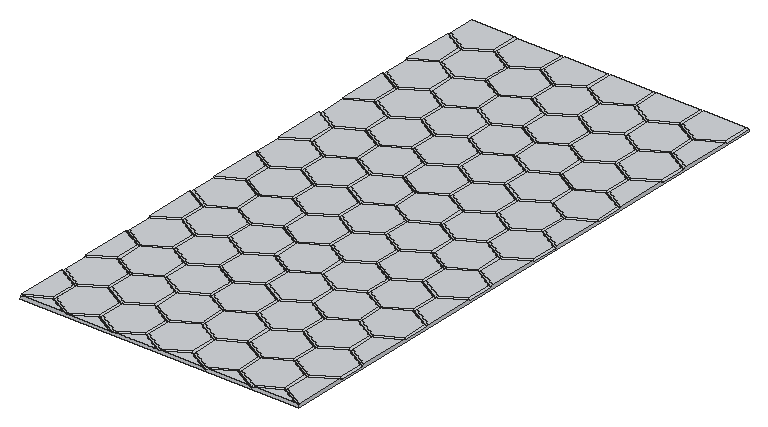
Revit family "J2 PET Felt Engraved Hexagon", category Generic Models, host Face, Revit 2022
Family settings
  Host = Face
  Can host rebar = No
  Round Connector Dimension = Use Diameter
  Part Type = Normal
  Cut with Voids When Loaded = No
  Maintain Annotation Orientation = No
  Shared = No
  Room Calculation Point = No
Parameters
  URL = "https://www.j2systems.net/"
  Symbol Name = "FPEHEX"  # constant formula
  Style Number = "FPEHEX"  # constant formula
  Release Date = "2019"  # constant formula
  Product Line = "Engraved Panels"  # constant formula
  Model = "Hexagonal"  # constant formula
  Manufacturer = "J2 Systems"  # constant formula
  Felt color = none
  Default Elevation = 0' - 0"
Reference planes (in)
  plane 1 "Center (Front/Back)": y = 0
  plane 2: z = 0
  plane 3 "Center (Left/Right)": x = 0
Forms (in)
  Extrusion 1, solid, material <- "Felt color"
    sketch origin (0, 0, 0) x (1, 0, 0) y (0, 1, 0)
      loop
        line (0, 0) -> (47.0625, 0) -> (47.0625, 95.125) -> (0, 95.125) -> (0, 0)
    from 0 to 0.5
  Sweep 2, void
    path origin (-23.5, 9.05952, 0) x (1, 0, 0) y (0, 1, 0)
      loop
        line (23.5, 0) -> (23.5, 4.52976)
    profile origin (0, 11.3244, 0) x (-1, 0, 0) y (0, 0, 1)
      loop
        line (0, 0.25) -> (0, 0.5) -> (-0.25, 0.5) -> (0, 0.25)
  Sweep 3, void
    path origin (23.5, 9.05952, 0) x (1, 0, 0) y (0, 1, 0)
      loop
        line (23.5625, 0) -> (23.5625, 4.52976)
    profile origin (47.0625, 11.3244, 0) x (-1, 0, 0) y (0, 0, 1)
      loop
        line (0, 0.25) -> (0.25, 0.5) -> (0, 0.5) -> (0, 0.25)
  Sweep 4, void
    path origin (-19.57813, 0, 0) x (1, 0, 0) y (0, 1, 0)
      loop
        line (23.5, 2.26488) -> (23.5, 6.79464)
    profile origin (3.92188, 4.52976, 0) x (-1, 0, 0) y (0, 0, 1)
      loop
        line (0, 0.25) -> (0.25, 0.5) -> (-0.25, 0.5) -> (0, 0.25)
  Sweep 5, void
    path origin (-11.73438, 0, 0) x (1, 0, 0) y (0, 1, 0)
      loop
        line (23.5, 2.26488) -> (23.5, 6.79464)
    profile origin (11.76563, 4.52976, 0) x (-1, 0, 0) y (0, 0, 1)
      loop
        line (0, 0.25) -> (0.25, 0.5) -> (-0.25, 0.5) -> (0, 0.25)
  Sweep 6, void
    path origin (-3.89063, 0, 0) x (1, 0, 0) y (0, 1, 0)
      loop
        line (23.5, 2.26488) -> (23.5, 6.79464)
    profile origin (19.60938, 4.52976, 0) x (-1, 0, 0) y (0, 0, 1)
      loop
        line (0, 0.25) -> (0.25, 0.5) -> (-0.25, 0.5) -> (0, 0.25)
  Sweep 7, void
    path origin (3.95312, 0, 0) x (1, 0, 0) y (0, 1, 0)
      loop
        line (23.5, 2.26488) -> (23.5, 6.79464)
    profile origin (27.45313, 4.52976, 0) x (-1, 0, 0) y (0, 0, 1)
      loop
        line (0, 0.25) -> (0.25, 0.5) -> (-0.25, 0.5) -> (0, 0.25)
  Sweep 8, void
    path origin (11.79687, 0, 0) x (1, 0, 0) y (0, 1, 0)
      loop
        line (23.5, 2.26488) -> (23.5, 6.79464)
    profile origin (35.29688, 4.52976, 0) x (-1, 0, 0) y (0, 0, 1)
      loop
        line (0, 0.25) -> (0.25, 0.5) -> (-0.25, 0.5) -> (0, 0.25)
  Sweep 9, void
    path origin (19.64062, 0, 0) x (1, 0, 0) y (0, 1, 0)
      loop
        line (23.5, 2.26488) -> (23.5, 6.79464)
    profile origin (43.14063, 4.52976, 0) x (-1, 0, 0) y (0, 0, 1)
      loop
        line (0, 0.25) -> (0.25, 0.5) -> (-0.25, 0.5) -> (0, 0.25)
  Sweep 10, void
    path origin (-43.64062, 23.5, 0) x (0, -1, 0) y (1, 0, 0)
      loop
        line (23.5, 43.64062) -> (21.23512, 47.5625) -> (23.5, 51.48437) -> (21.23512, 55.40625) -> (23.5, 59.32812) -> (21.23512, 63.25) -> (23.5, 67.17187) -> (21.23512, 71.09375) -> (23.5, 75.01562) -> (21.23512, 78.9375) -> (23.5, 82.85937) -> (21.23512, 86.78125) -> (23.5, 90.70312)
    profile origin (1.96094, 1.13244, 0) x (-0.500097, 0.865969, 0) y (0, 0, 1)
      loop
        line (0, 0.25) -> (0.25, 0.5) -> (-0.25, 0.5) -> (0, 0.25)
  Sweep 11, void
    path origin (-43.64062, 30.29464, 0) x (0, -1, 0) y (1, 0, 0)
      loop
        line (21.23512, 43.64062) -> (23.5, 47.5625) -> (21.23512, 51.48437) -> (23.5, 55.40625) -> (21.23512, 59.32812) -> (23.5, 63.25) -> (21.23512, 67.17187) -> (23.5, 71.09375) -> (21.23512, 75.01562) -> (23.5, 78.9375) -> (21.23512, 82.85937) -> (23.5, 86.78125) -> (21.23512, 90.70312)
    profile origin (1.96094, 7.92708, 0) x (0.500097, 0.865969, 0) y (0, 0, 1)
      loop
        line (0, 0.25) -> (0.25, 0.5) -> (-0.25, 0.5) -> (0, 0.25)
  Sweep 12, void
    path origin (-43.64062, 37.08929, 0) x (0, -1, 0) y (1, 0, 0)
      loop
        line (23.5, 43.64062) -> (21.23512, 47.5625) -> (23.5, 51.48437) -> (21.23512, 55.40625) -> (23.5, 59.32812) -> (21.23512, 63.25) -> (23.5, 67.17187) -> (21.23512, 71.09375) -> (23.5, 75.01562) -> (21.23512, 78.9375) -> (23.5, 82.85937) -> (21.23512, 86.78125) -> (23.5, 90.70312)
    profile origin (1.96094, 14.72173, 0) x (-0.500097, 0.865969, 0) y (0, 0, 1)
      loop
        line (0, 0.25) -> (0.25, 0.5) -> (-0.25, 0.5) -> (0, 0.25)
  Sweep 13, void
    path origin (-43.64062, 43.88393, 0) x (0, -1, 0) y (1, 0, 0)
      loop
        line (21.23512, 43.64062) -> (23.5, 47.5625) -> (21.23512, 51.48437) -> (23.5, 55.40625) -> (21.23512, 59.32812) -> (23.5, 63.25) -> (21.23512, 67.17187) -> (23.5, 71.09375) -> (21.23512, 75.01562) -> (23.5, 78.9375) -> (21.23512, 82.85937) -> (23.5, 86.78125) -> (21.23512, 90.70312)
    profile origin (1.96094, 21.51637, 0) x (0.500097, 0.865969, 0) y (0, 0, 1)
      loop
        line (0, 0.25) -> (0.25, 0.5) -> (-0.25, 0.5) -> (0, 0.25)
  Sweep 14, void
    path origin (-43.64062, 50.67857, 0) x (0, -1, 0) y (1, 0, 0)
      loop
        line (23.5, 43.64062) -> (21.23512, 47.5625) -> (23.5, 51.48437) -> (21.23512, 55.40625) -> (23.5, 59.32812) -> (21.23512, 63.25) -> (23.5, 67.17187) -> (21.23512, 71.09375) -> (23.5, 75.01562) -> (21.23512, 78.9375) -> (23.5, 82.85937) -> (21.23512, 86.78125) -> (23.5, 90.70312)
    profile origin (1.96094, 28.31101, 0) x (-0.500097, 0.865969, 0) y (0, 0, 1)
      loop
        line (0, 0.25) -> (0.25, 0.5) -> (-0.25, 0.5) -> (0, 0.25)
  Sweep 15, void
    path origin (-43.64062, 57.47321, 0) x (0, -1, 0) y (1, 0, 0)
      loop
        line (21.23512, 43.64062) -> (23.5, 47.5625) -> (21.23512, 51.48437) -> (23.5, 55.40625) -> (21.23512, 59.32812) -> (23.5, 63.25) -> (21.23512, 67.17187) -> (23.5, 71.09375) -> (21.23512, 75.01562) -> (23.5, 78.9375) -> (21.23512, 82.85937) -> (23.5, 86.78125) -> (21.23512, 90.70312)
    profile origin (1.96094, 35.10565, 0) x (0.500097, 0.865969, 0) y (0, 0, 1)
      loop
        line (0, 0.25) -> (0.25, 0.5) -> (-0.25, 0.5) -> (0, 0.25)
  Sweep 16, void
    path origin (-43.64062, 64.26786, 0) x (0, -1, 0) y (1, 0, 0)
      loop
        line (23.5, 43.64062) -> (21.23512, 47.5625) -> (23.5, 51.48437) -> (21.23512, 55.40625) -> (23.5, 59.32812) -> (21.23512, 63.25) -> (23.5, 67.17187) -> (21.23512, 71.09375) -> (23.5, 75.01562) -> (21.23512, 78.9375) -> (23.5, 82.85937) -> (21.23512, 86.78125) -> (23.5, 90.70312)
    profile origin (1.96094, 41.9003, 0) x (-0.500097, 0.865969, 0) y (0, 0, 1)
      loop
        line (0, 0.25) -> (0.25, 0.5) -> (-0.25, 0.5) -> (0, 0.25)
  Sweep 17, void
    path origin (-43.64062, 71.0625, 0) x (0, -1, 0) y (1, 0, 0)
      loop
        line (21.23512, 43.64062) -> (23.5, 47.5625) -> (21.23512, 51.48437) -> (23.5, 55.40625) -> (21.23512, 59.32812) -> (23.5, 63.25) -> (21.23512, 67.17187) -> (23.5, 71.09375) -> (21.23512, 75.01562) -> (23.5, 78.9375) -> (21.23512, 82.85937) -> (23.5, 86.78125) -> (21.23512, 90.70312)
    profile origin (1.96094, 48.69494, 0) x (0.500097, 0.865969, 0) y (0, 0, 1)
      loop
        line (0, 0.25) -> (0.25, 0.5) -> (-0.25, 0.5) -> (0, 0.25)
  Sweep 18, void
    path origin (-43.64062, 77.85714, 0) x (0, -1, 0) y (1, 0, 0)
      loop
        line (23.5, 43.64062) -> (21.23512, 47.5625) -> (23.5, 51.48437) -> (21.23512, 55.40625) -> (23.5, 59.32812) -> (21.23512, 63.25) -> (23.5, 67.17187) -> (21.23512, 71.09375) -> (23.5, 75.01562) -> (21.23512, 78.9375) -> (23.5, 82.85937) -> (21.23512, 86.78125) -> (23.5, 90.70312)
    profile origin (1.96094, 55.48958, 0) x (-0.500097, 0.865969, 0) y (0, 0, 1)
      loop
        line (0, 0.25) -> (0.25, 0.5) -> (-0.25, 0.5) -> (0, 0.25)
  Sweep 19, void
    path origin (-43.64062, 84.65179, 0) x (0, -1, 0) y (1, 0, 0)
      loop
        line (21.23512, 43.64062) -> (23.5, 47.5625) -> (21.23512, 51.48437) -> (23.5, 55.40625) -> (21.23512, 59.32812) -> (23.5, 63.25) -> (21.23512, 67.17187) -> (23.5, 71.09375) -> (21.23512, 75.01562) -> (23.5, 78.9375) -> (21.23512, 82.85937) -> (23.5, 86.78125) -> (21.23512, 90.70312)
    profile origin (1.96094, 62.28423, 0) x (0.500097, 0.865969, 0) y (0, 0, 1)
      loop
        line (0, 0.25) -> (0.25, 0.5) -> (-0.25, 0.5) -> (0, 0.25)
  Sweep 20, void
    path origin (-43.64062, 91.44643, 0) x (0, -1, 0) y (1, 0, 0)
      loop
        line (23.5, 43.64062) -> (21.23512, 47.5625) -> (23.5, 51.48437) -> (21.23512, 55.40625) -> (23.5, 59.32812) -> (21.23512, 63.25) -> (23.5, 67.17187) -> (21.23512, 71.09375) -> (23.5, 75.01562) -> (21.23512, 78.9375) -> (23.5, 82.85937) -> (21.23512, 86.78125) -> (23.5, 90.70312)
    profile origin (1.96094, 69.07887, 0) x (-0.500097, 0.865969, 0) y (0, 0, 1)
      loop
        line (0, 0.25) -> (0.25, 0.5) -> (-0.25, 0.5) -> (0, 0.25)
  Sweep 21, void
    path origin (-43.64062, 98.24107, 0) x (0, -1, 0) y (1, 0, 0)
      loop
        line (21.23512, 43.64062) -> (23.5, 47.5625) -> (21.23512, 51.48437) -> (23.5, 55.40625) -> (21.23512, 59.32812) -> (23.5, 63.25) -> (21.23512, 67.17187) -> (23.5, 71.09375) -> (21.23512, 75.01562) -> (23.5, 78.9375) -> (21.23512, 82.85937) -> (23.5, 86.78125) -> (21.23512, 90.70312)
    profile origin (1.96094, 75.87351, 0) x (0.500097, 0.865969, 0) y (0, 0, 1)
      loop
        line (0, 0.25) -> (0.25, 0.5) -> (-0.25, 0.5) -> (0, 0.25)
  Sweep 22, void
    path origin (-43.64062, 105.03571, 0) x (0, -1, 0) y (1, 0, 0)
      loop
        line (23.5, 43.64062) -> (21.23512, 47.5625) -> (23.5, 51.48437) -> (21.23512, 55.40625) -> (23.5, 59.32812) -> (21.23512, 63.25) -> (23.5, 67.17187) -> (21.23512, 71.09375) -> (23.5, 75.01562) -> (21.23512, 78.9375) -> (23.5, 82.85937) -> (21.23512, 86.78125) -> (23.5, 90.70312)
    profile origin (1.96094, 82.66815, 0) x (-0.500097, 0.865969, 0) y (0, 0, 1)
      loop
        line (0, 0.25) -> (0.25, 0.5) -> (-0.25, 0.5) -> (0, 0.25)
  Sweep 23, void
    path origin (-43.64062, 111.83036, 0) x (0, -1, 0) y (1, 0, 0)
      loop
        line (21.23512, 43.64062) -> (23.5, 47.5625) -> (21.23512, 51.48437) -> (23.5, 55.40625) -> (21.23512, 59.32812) -> (23.5, 63.25) -> (21.23512, 67.17187) -> (23.5, 71.09375) -> (21.23512, 75.01562) -> (23.5, 78.9375) -> (21.23512, 82.85937) -> (23.5, 86.78125) -> (21.23512, 90.70312)
    profile origin (1.96094, 89.4628, 0) x (0.500097, 0.865969, 0) y (0, 0, 1)
      loop
        line (0, 0.25) -> (0.25, 0.5) -> (-0.25, 0.5) -> (0, 0.25)
  Sweep 24, void
    path origin (-23.5, 90.59524, 0) x (1, 0, 0) y (0, 1, 0)
      loop
        line (23.5, 0) -> (23.5, 4.52976)
    profile origin (0, 92.86012, 0) x (-1, 0, 0) y (0, 0, 1)
      loop
        line (0, 0.25) -> (0, 0.5) -> (-0.25, 0.5) -> (0, 0.25)
  Sweep 25, void
    path origin (23.5, 90.59524, 0) x (1, 0, 0) y (0, 1, 0)
      loop
        line (23.5625, 0) -> (23.5625, 4.52976)
    profile origin (47.0625, 92.86012, 0) x (-1, 0, 0) y (0, 0, 1)
      loop
        line (0, 0.25) -> (0.25, 0.5) -> (0, 0.5) -> (0, 0.25)
  Sweep 26, void
    path origin (15.71875, 90.59524, 0) x (1, 0, 0) y (0, 1, 0)
      loop
        line (23.5, 0) -> (23.5, 4.52976)
    profile origin (39.21875, 92.86012, 0) x (-1, 0, 0) y (0, 0, 1)
      loop
        line (0, 0.25) -> (0.25, 0.5) -> (-0.25, 0.5) -> (0, 0.25)
  Sweep 27, void
    path origin (7.875, 90.59524, 0) x (1, 0, 0) y (0, 1, 0)
      loop
        line (23.5, 0) -> (23.5, 4.52976)
    profile origin (31.375, 92.86012, 0) x (-1, 0, 0) y (0, 0, 1)
      loop
        line (0, 0.25) -> (0.25, 0.5) -> (-0.25, 0.5) -> (0, 0.25)
  Sweep 28, void
    path origin (0.03125, 90.59524, 0) x (1, 0, 0) y (0, 1, 0)
      loop
        line (23.5, 0) -> (23.5, 4.52976)
    profile origin (23.53125, 92.86012, 0) x (-1, 0, 0) y (0, 0, 1)
      loop
        line (0, 0.25) -> (0.25, 0.5) -> (-0.25, 0.5) -> (0, 0.25)
  Sweep 29, void
    path origin (-7.8125, 90.59524, 0) x (1, 0, 0) y (0, 1, 0)
      loop
        line (23.5, 0) -> (23.5, 4.52976)
    profile origin (15.6875, 92.86012, 0) x (-1, 0, 0) y (0, 0, 1)
      loop
        line (0, 0.25) -> (0.25, 0.5) -> (-0.25, 0.5) -> (0, 0.25)
  Sweep 30, void
    path origin (-15.65625, 90.59524, 0) x (1, 0, 0) y (0, 1, 0)
      loop
        line (23.5, 0) -> (23.5, 4.52976)
    profile origin (7.84375, 92.86012, 0) x (-1, 0, 0) y (0, 0, 1)
      loop
        line (0, 0.25) -> (0.25, 0.5) -> (-0.25, 0.5) -> (0, 0.25)
  Sweep 31, void
    path origin (-19.57813, 13.58929, 0) x (1, 0, 0) y (0, 1, 0)
      loop
        line (23.5, 2.26488) -> (23.5, 6.79464)
    profile origin (3.92188, 18.11905, 0) x (-1, 0, 0) y (0, 0, 1)
      loop
        line (0, 0.25) -> (0.25, 0.5) -> (-0.25, 0.5) -> (0, 0.25)
  Sweep 32, void
    path origin (-11.73438, 13.58929, 0) x (1, 0, 0) y (0, 1, 0)
      loop
        line (23.5, 2.26488) -> (23.5, 6.79464)
    profile origin (11.76563, 18.11905, 0) x (-1, 0, 0) y (0, 0, 1)
      loop
        line (0, 0.25) -> (0.25, 0.5) -> (-0.25, 0.5) -> (0, 0.25)
  Sweep 33, void
    path origin (-3.89063, 13.58929, 0) x (1, 0, 0) y (0, 1, 0)
      loop
        line (23.5, 2.26488) -> (23.5, 6.79464)
    profile origin (19.60938, 18.11905, 0) x (-1, 0, 0) y (0, 0, 1)
      loop
        line (0, 0.25) -> (0.25, 0.5) -> (-0.25, 0.5) -> (0, 0.25)
  Sweep 34, void
    path origin (3.95312, 13.58929, 0) x (1, 0, 0) y (0, 1, 0)
      loop
        line (23.5, 2.26488) -> (23.5, 6.79464)
    profile origin (27.45313, 18.11905, 0) x (-1, 0, 0) y (0, 0, 1)
      loop
        line (0, 0.25) -> (0.25, 0.5) -> (-0.25, 0.5) -> (0, 0.25)
  Sweep 35, void
    path origin (11.79687, 13.58929, 0) x (1, 0, 0) y (0, 1, 0)
      loop
        line (23.5, 2.26488) -> (23.5, 6.79464)
    profile origin (35.29688, 18.11905, 0) x (-1, 0, 0) y (0, 0, 1)
      loop
        line (0, 0.25) -> (0.25, 0.5) -> (-0.25, 0.5) -> (0, 0.25)
  Sweep 36, void
    path origin (19.64062, 13.58929, 0) x (1, 0, 0) y (0, 1, 0)
      loop
        line (23.5, 2.26488) -> (23.5, 6.79464)
    profile origin (43.14063, 18.11905, 0) x (-1, 0, 0) y (0, 0, 1)
      loop
        line (0, 0.25) -> (0.25, 0.5) -> (-0.25, 0.5) -> (0, 0.25)
  Sweep 37, void
    path origin (-19.57813, 27.17857, 0) x (1, 0, 0) y (0, 1, 0)
      loop
        line (23.5, 2.26488) -> (23.5, 6.79464)
    profile origin (3.92188, 31.70833, 0) x (-1, 0, 0) y (0, 0, 1)
      loop
        line (0, 0.25) -> (0.25, 0.5) -> (-0.25, 0.5) -> (0, 0.25)
  Sweep 38, void
    path origin (-11.73438, 27.17857, 0) x (1, 0, 0) y (0, 1, 0)
      loop
        line (23.5, 2.26488) -> (23.5, 6.79464)
    profile origin (11.76563, 31.70833, 0) x (-1, 0, 0) y (0, 0, 1)
      loop
        line (0, 0.25) -> (0.25, 0.5) -> (-0.25, 0.5) -> (0, 0.25)
  Sweep 39, void
    path origin (-3.89063, 27.17857, 0) x (1, 0, 0) y (0, 1, 0)
      loop
        line (23.5, 2.26488) -> (23.5, 6.79464)
    profile origin (19.60938, 31.70833, 0) x (-1, 0, 0) y (0, 0, 1)
      loop
        line (0, 0.25) -> (0.25, 0.5) -> (-0.25, 0.5) -> (0, 0.25)
  Sweep 40, void
    path origin (3.95312, 27.17857, 0) x (1, 0, 0) y (0, 1, 0)
      loop
        line (23.5, 2.26488) -> (23.5, 6.79464)
    profile origin (27.45313, 31.70833, 0) x (-1, 0, 0) y (0, 0, 1)
      loop
        line (0, 0.25) -> (0.25, 0.5) -> (-0.25, 0.5) -> (0, 0.25)
  Sweep 41, void
    path origin (11.79687, 27.17857, 0) x (1, 0, 0) y (0, 1, 0)
      loop
        line (23.5, 2.26488) -> (23.5, 6.79464)
    profile origin (35.29688, 31.70833, 0) x (-1, 0, 0) y (0, 0, 1)
      loop
        line (0, 0.25) -> (0.25, 0.5) -> (-0.25, 0.5) -> (0, 0.25)
  Sweep 42, void
    path origin (19.64062, 27.17857, 0) x (1, 0, 0) y (0, 1, 0)
      loop
        line (23.5, 2.26488) -> (23.5, 6.79464)
    profile origin (43.14063, 31.70833, 0) x (-1, 0, 0) y (0, 0, 1)
      loop
        line (0, 0.25) -> (0.25, 0.5) -> (-0.25, 0.5) -> (0, 0.25)
  Sweep 43, void
    path origin (-19.57813, 40.76786, 0) x (1, 0, 0) y (0, 1, 0)
      loop
        line (23.5, 2.26488) -> (23.5, 6.79464)
    profile origin (3.92188, 45.29762, 0) x (-1, 0, 0) y (0, 0, 1)
      loop
        line (0, 0.25) -> (0.25, 0.5) -> (-0.25, 0.5) -> (0, 0.25)
  Sweep 44, void
    path origin (-11.73438, 40.76786, 0) x (1, 0, 0) y (0, 1, 0)
      loop
        line (23.5, 2.26488) -> (23.5, 6.79464)
    profile origin (11.76563, 45.29762, 0) x (-1, 0, 0) y (0, 0, 1)
      loop
        line (0, 0.25) -> (0.25, 0.5) -> (-0.25, 0.5) -> (0, 0.25)
  Sweep 45, void
    path origin (-3.89063, 40.76786, 0) x (1, 0, 0) y (0, 1, 0)
      loop
        line (23.5, 2.26488) -> (23.5, 6.79464)
    profile origin (19.60938, 45.29762, 0) x (-1, 0, 0) y (0, 0, 1)
      loop
        line (0, 0.25) -> (0.25, 0.5) -> (-0.25, 0.5) -> (0, 0.25)
  Sweep 46, void
    path origin (3.95312, 40.76786, 0) x (1, 0, 0) y (0, 1, 0)
      loop
        line (23.5, 2.26488) -> (23.5, 6.79464)
    profile origin (27.45313, 45.29762, 0) x (-1, 0, 0) y (0, 0, 1)
      loop
        line (0, 0.25) -> (0.25, 0.5) -> (-0.25, 0.5) -> (0, 0.25)
  Sweep 47, void
    path origin (11.79687, 40.76786, 0) x (1, 0, 0) y (0, 1, 0)
      loop
        line (23.5, 2.26488) -> (23.5, 6.79464)
    profile origin (35.29688, 45.29762, 0) x (-1, 0, 0) y (0, 0, 1)
      loop
        line (0, 0.25) -> (0.25, 0.5) -> (-0.25, 0.5) -> (0, 0.25)
  Sweep 48, void
    path origin (19.64062, 40.76786, 0) x (1, 0, 0) y (0, 1, 0)
      loop
        line (23.5, 2.26488) -> (23.5, 6.79464)
    profile origin (43.14063, 45.29762, 0) x (-1, 0, 0) y (0, 0, 1)
      loop
        line (0, 0.25) -> (0.25, 0.5) -> (-0.25, 0.5) -> (0, 0.25)
  Sweep 49, void
    path origin (-19.57813, 54.35714, 0) x (1, 0, 0) y (0, 1, 0)
      loop
        line (23.5, 2.26488) -> (23.5, 6.79464)
    profile origin (3.92188, 58.8869, 0) x (-1, 0, 0) y (0, 0, 1)
      loop
        line (0, 0.25) -> (0.25, 0.5) -> (-0.25, 0.5) -> (0, 0.25)
  Sweep 50, void
    path origin (-11.73438, 54.35714, 0) x (1, 0, 0) y (0, 1, 0)
      loop
        line (23.5, 2.26488) -> (23.5, 6.79464)
    profile origin (11.76563, 58.8869, 0) x (-1, 0, 0) y (0, 0, 1)
      loop
        line (0, 0.25) -> (0.25, 0.5) -> (-0.25, 0.5) -> (0, 0.25)
  Sweep 51, void
    path origin (-3.89063, 54.35714, 0) x (1, 0, 0) y (0, 1, 0)
      loop
        line (23.5, 2.26488) -> (23.5, 6.79464)
    profile origin (19.60938, 58.8869, 0) x (-1, 0, 0) y (0, 0, 1)
      loop
        line (0, 0.25) -> (0.25, 0.5) -> (-0.25, 0.5) -> (0, 0.25)
  Sweep 52, void
    path origin (3.95312, 54.35714, 0) x (1, 0, 0) y (0, 1, 0)
      loop
        line (23.5, 2.26488) -> (23.5, 6.79464)
    profile origin (27.45313, 58.8869, 0) x (-1, 0, 0) y (0, 0, 1)
      loop
        line (0, 0.25) -> (0.25, 0.5) -> (-0.25, 0.5) -> (0, 0.25)
  Sweep 53, void
    path origin (11.79687, 54.35714, 0) x (1, 0, 0) y (0, 1, 0)
      loop
        line (23.5, 2.26488) -> (23.5, 6.79464)
    profile origin (35.29688, 58.8869, 0) x (-1, 0, 0) y (0, 0, 1)
      loop
        line (0, 0.25) -> (0.25, 0.5) -> (-0.25, 0.5) -> (0, 0.25)
  Sweep 54, void
    path origin (19.64062, 54.35714, 0) x (1, 0, 0) y (0, 1, 0)
      loop
        line (23.5, 2.26488) -> (23.5, 6.79464)
    profile origin (43.14063, 58.8869, 0) x (-1, 0, 0) y (0, 0, 1)
      loop
        line (0, 0.25) -> (0.25, 0.5) -> (-0.25, 0.5) -> (0, 0.25)
  Sweep 55, void
    path origin (-19.57813, 67.94643, 0) x (1, 0, 0) y (0, 1, 0)
      loop
        line (23.5, 2.26488) -> (23.5, 6.79464)
    profile origin (3.92188, 72.47619, 0) x (-1, 0, 0) y (0, 0, 1)
      loop
        line (0, 0.25) -> (0.25, 0.5) -> (-0.25, 0.5) -> (0, 0.25)
  Sweep 56, void
    path origin (-11.73438, 67.94643, 0) x (1, 0, 0) y (0, 1, 0)
      loop
        line (23.5, 2.26488) -> (23.5, 6.79464)
    profile origin (11.76563, 72.47619, 0) x (-1, 0, 0) y (0, 0, 1)
      loop
        line (0, 0.25) -> (0.25, 0.5) -> (-0.25, 0.5) -> (0, 0.25)
  Sweep 57, void
    path origin (-3.89063, 67.94643, 0) x (1, 0, 0) y (0, 1, 0)
      loop
        line (23.5, 2.26488) -> (23.5, 6.79464)
    profile origin (19.60938, 72.47619, 0) x (-1, 0, 0) y (0, 0, 1)
      loop
        line (0, 0.25) -> (0.25, 0.5) -> (-0.25, 0.5) -> (0, 0.25)
  Sweep 58, void
    path origin (3.95312, 67.94643, 0) x (1, 0, 0) y (0, 1, 0)
      loop
        line (23.5, 2.26488) -> (23.5, 6.79464)
    profile origin (27.45313, 72.47619, 0) x (-1, 0, 0) y (0, 0, 1)
      loop
        line (0, 0.25) -> (0.25, 0.5) -> (-0.25, 0.5) -> (0, 0.25)
  Sweep 59, void
    path origin (11.79687, 67.94643, 0) x (1, 0, 0) y (0, 1, 0)
      loop
        line (23.5, 2.26488) -> (23.5, 6.79464)
    profile origin (35.29688, 72.47619, 0) x (-1, 0, 0) y (0, 0, 1)
      loop
        line (0, 0.25) -> (0.25, 0.5) -> (-0.25, 0.5) -> (0, 0.25)
  Sweep 60, void
    path origin (19.64062, 67.94643, 0) x (1, 0, 0) y (0, 1, 0)
      loop
        line (23.5, 2.26488) -> (23.5, 6.79464)
    profile origin (43.14063, 72.47619, 0) x (-1, 0, 0) y (0, 0, 1)
      loop
        line (0, 0.25) -> (0.25, 0.5) -> (-0.25, 0.5) -> (0, 0.25)
  Sweep 61, void
    path origin (-19.57813, 81.53571, 0) x (1, 0, 0) y (0, 1, 0)
      loop
        line (23.5, 2.26488) -> (23.5, 6.79464)
    profile origin (3.92188, 86.06548, 0) x (-1, 0, 0) y (0, 0, 1)
      loop
        line (0, 0.25) -> (0.25, 0.5) -> (-0.25, 0.5) -> (0, 0.25)
  Sweep 62, void
    path origin (-11.73438, 81.53571, 0) x (1, 0, 0) y (0, 1, 0)
      loop
        line (23.5, 2.26488) -> (23.5, 6.79464)
    profile origin (11.76563, 86.06548, 0) x (-1, 0, 0) y (0, 0, 1)
      loop
        line (0, 0.25) -> (0.25, 0.5) -> (-0.25, 0.5) -> (0, 0.25)
  Sweep 63, void
    path origin (-3.89063, 81.53571, 0) x (1, 0, 0) y (0, 1, 0)
      loop
        line (23.5, 2.26488) -> (23.5, 6.79464)
    profile origin (19.60938, 86.06548, 0) x (-1, 0, 0) y (0, 0, 1)
      loop
        line (0, 0.25) -> (0.25, 0.5) -> (-0.25, 0.5) -> (0, 0.25)
  Sweep 64, void
    path origin (3.95312, 81.53571, 0) x (1, 0, 0) y (0, 1, 0)
      loop
        line (23.5, 2.26488) -> (23.5, 6.79464)
    profile origin (27.45313, 86.06548, 0) x (-1, 0, 0) y (0, 0, 1)
      loop
        line (0, 0.25) -> (0.25, 0.5) -> (-0.25, 0.5) -> (0, 0.25)
  Sweep 65, void
    path origin (11.79687, 81.53571, 0) x (1, 0, 0) y (0, 1, 0)
      loop
        line (23.5, 2.26488) -> (23.5, 6.79464)
    profile origin (35.29688, 86.06548, 0) x (-1, 0, 0) y (0, 0, 1)
      loop
        line (0, 0.25) -> (0.25, 0.5) -> (-0.25, 0.5) -> (0, 0.25)
  Sweep 66, void
    path origin (19.64062, 81.53571, 0) x (1, 0, 0) y (0, 1, 0)
      loop
        line (23.5, 2.26488) -> (23.5, 6.79464)
    profile origin (43.14063, 86.06548, 0) x (-1, 0, 0) y (0, 0, 1)
      loop
        line (0, 0.25) -> (0.25, 0.5) -> (-0.25, 0.5) -> (0, 0.25)
  Sweep 67, void
    path origin (-23.5, 22.64881, 0) x (1, 0, 0) y (0, 1, 0)
      loop
        line (23.5, 0) -> (23.5, 4.52976)
    profile origin (0, 24.91369, 0) x (-1, 0, 0) y (0, 0, 1)
      loop
        line (0, 0.25) -> (0, 0.5) -> (-0.25, 0.5) -> (0, 0.25)
  Sweep 68, void
    path origin (23.5, 22.64881, 0) x (1, 0, 0) y (0, 1, 0)
      loop
        line (23.5625, 0) -> (23.5625, 4.52976)
    profile origin (47.0625, 24.91369, 0) x (-1, 0, 0) y (0, 0, 1)
      loop
        line (0, 0.25) -> (0.25, 0.5) -> (0, 0.5) -> (0, 0.25)
  Sweep 69, void
    path origin (-23.5, 36.2381, 0) x (1, 0, 0) y (0, 1, 0)
      loop
        line (23.5, 0) -> (23.5, 4.52976)
    profile origin (0, 38.50298, 0) x (-1, 0, 0) y (0, 0, 1)
      loop
        line (0, 0.25) -> (0, 0.5) -> (-0.25, 0.5) -> (0, 0.25)
  Sweep 70, void
    path origin (23.5, 36.2381, 0) x (1, 0, 0) y (0, 1, 0)
      loop
        line (23.5625, 0) -> (23.5625, 4.52976)
    profile origin (47.0625, 38.50298, 0) x (-1, 0, 0) y (0, 0, 1)
      loop
        line (0, 0.25) -> (0.25, 0.5) -> (0, 0.5) -> (0, 0.25)
  Sweep 71, void
    path origin (-23.5, 49.82738, 0) x (1, 0, 0) y (0, 1, 0)
      loop
        line (23.5, 0) -> (23.5, 4.52976)
    profile origin (0, 52.09226, 0) x (-1, 0, 0) y (0, 0, 1)
      loop
        line (0, 0.25) -> (0, 0.5) -> (-0.25, 0.5) -> (0, 0.25)
  Sweep 72, void
    path origin (23.5, 49.82738, 0) x (1, 0, 0) y (0, 1, 0)
      loop
        line (23.5625, 0) -> (23.5625, 4.52976)
    profile origin (47.0625, 52.09226, 0) x (-1, 0, 0) y (0, 0, 1)
      loop
        line (0, 0.25) -> (0.25, 0.5) -> (0, 0.5) -> (0, 0.25)
  Sweep 73, void
    path origin (-23.5, 63.41667, 0) x (1, 0, 0) y (0, 1, 0)
      loop
        line (23.5, 0) -> (23.5, 4.52976)
    profile origin (0, 65.68155, 0) x (-1, 0, 0) y (0, 0, 1)
      loop
        line (0, 0.25) -> (0, 0.5) -> (-0.25, 0.5) -> (0, 0.25)
  Sweep 74, void
    path origin (23.5, 63.41667, 0) x (1, 0, 0) y (0, 1, 0)
      loop
        line (23.5625, 0) -> (23.5625, 4.52976)
    profile origin (47.0625, 65.68155, 0) x (-1, 0, 0) y (0, 0, 1)
      loop
        line (0, 0.25) -> (0.25, 0.5) -> (0, 0.5) -> (0, 0.25)
  Sweep 75, void
    path origin (-23.5, 77.00595, 0) x (1, 0, 0) y (0, 1, 0)
      loop
        line (23.5, 0) -> (23.5, 4.52976)
    profile origin (0, 79.27083, 0) x (-1, 0, 0) y (0, 0, 1)
      loop
        line (0, 0.25) -> (0, 0.5) -> (-0.25, 0.5) -> (0, 0.25)
  Sweep 76, void
    path origin (23.5, 77.00595, 0) x (1, 0, 0) y (0, 1, 0)
      loop
        line (23.5625, 0) -> (23.5625, 4.52976)
    profile origin (47.0625, 79.27083, 0) x (-1, 0, 0) y (0, 0, 1)
      loop
        line (0, 0.25) -> (0.25, 0.5) -> (0, 0.5) -> (0, 0.25)
  Sweep 77, void
    path origin (-15.65625, 20.38393, 0) x (1, 0, 0) y (0, 1, 0)
      loop
        line (23.5, 2.26488) -> (23.5, 6.79464)
    profile origin (7.84375, 24.91369, 0) x (-1, 0, 0) y (0, 0, 1)
      loop
        line (0, 0.25) -> (0.25, 0.5) -> (-0.25, 0.5) -> (0, 0.25)
  Sweep 78, void
    path origin (-7.8125, 20.38393, 0) x (1, 0, 0) y (0, 1, 0)
      loop
        line (23.5, 2.26488) -> (23.5, 6.79464)
    profile origin (15.6875, 24.91369, 0) x (-1, 0, 0) y (0, 0, 1)
      loop
        line (0, 0.25) -> (0.25, 0.5) -> (-0.25, 0.5) -> (0, 0.25)
  Sweep 79, void
    path origin (0.03125, 20.38393, 0) x (1, 0, 0) y (0, 1, 0)
      loop
        line (23.5, 2.26488) -> (23.5, 6.79464)
    profile origin (23.53125, 24.91369, 0) x (-1, 0, 0) y (0, 0, 1)
      loop
        line (0, 0.25) -> (0.25, 0.5) -> (-0.25, 0.5) -> (0, 0.25)
  Sweep 80, void
    path origin (7.875, 20.38393, 0) x (1, 0, 0) y (0, 1, 0)
      loop
        line (23.5, 2.26488) -> (23.5, 6.79464)
    profile origin (31.375, 24.91369, 0) x (-1, 0, 0) y (0, 0, 1)
      loop
        line (0, 0.25) -> (0.25, 0.5) -> (-0.25, 0.5) -> (0, 0.25)
  Sweep 81, void
    path origin (15.71875, 20.38393, 0) x (1, 0, 0) y (0, 1, 0)
      loop
        line (23.5, 2.26488) -> (23.5, 6.79464)
    profile origin (39.21875, 24.91369, 0) x (-1, 0, 0) y (0, 0, 1)
      loop
        line (0, 0.25) -> (0.25, 0.5) -> (-0.25, 0.5) -> (0, 0.25)
  Sweep 82, void
    path origin (-15.65625, 6.79464, 0) x (1, 0, 0) y (0, 1, 0)
      loop
        line (23.5, 2.26488) -> (23.5, 6.79464)
    profile origin (7.84375, 11.3244, 0) x (-1, 0, 0) y (0, 0, 1)
      loop
        line (0, 0.25) -> (0.25, 0.5) -> (-0.25, 0.5) -> (0, 0.25)
  Sweep 83, void
    path origin (-7.8125, 6.79464, 0) x (1, 0, 0) y (0, 1, 0)
      loop
        line (23.5, 2.26488) -> (23.5, 6.79464)
    profile origin (15.6875, 11.3244, 0) x (-1, 0, 0) y (0, 0, 1)
      loop
        line (0, 0.25) -> (0.25, 0.5) -> (-0.25, 0.5) -> (0, 0.25)
  Sweep 84, void
    path origin (0.03125, 6.79464, 0) x (1, 0, 0) y (0, 1, 0)
      loop
        line (23.5, 2.26488) -> (23.5, 6.79464)
    profile origin (23.53125, 11.3244, 0) x (-1, 0, 0) y (0, 0, 1)
      loop
        line (0, 0.25) -> (0.25, 0.5) -> (-0.25, 0.5) -> (0, 0.25)
  Sweep 85, void
    path origin (7.875, 6.79464, 0) x (1, 0, 0) y (0, 1, 0)
      loop
        line (23.5, 2.26488) -> (23.5, 6.79464)
    profile origin (31.375, 11.3244, 0) x (-1, 0, 0) y (0, 0, 1)
      loop
        line (0, 0.25) -> (0.25, 0.5) -> (-0.25, 0.5) -> (0, 0.25)
  Sweep 86, void
    path origin (15.71875, 6.79464, 0) x (1, 0, 0) y (0, 1, 0)
      loop
        line (23.5, 2.26488) -> (23.5, 6.79464)
    profile origin (39.21875, 11.3244, 0) x (-1, 0, 0) y (0, 0, 1)
      loop
        line (0, 0.25) -> (0.25, 0.5) -> (-0.25, 0.5) -> (0, 0.25)
  Sweep 87, void
    path origin (-15.65625, 33.97321, 0) x (1, 0, 0) y (0, 1, 0)
      loop
        line (23.5, 2.26488) -> (23.5, 6.79464)
    profile origin (7.84375, 38.50298, 0) x (-1, 0, 0) y (0, 0, 1)
      loop
        line (0, 0.25) -> (0.25, 0.5) -> (-0.25, 0.5) -> (0, 0.25)
  Sweep 88, void
    path origin (-7.8125, 33.97321, 0) x (1, 0, 0) y (0, 1, 0)
      loop
        line (23.5, 2.26488) -> (23.5, 6.79464)
    profile origin (15.6875, 38.50298, 0) x (-1, 0, 0) y (0, 0, 1)
      loop
        line (0, 0.25) -> (0.25, 0.5) -> (-0.25, 0.5) -> (0, 0.25)
  Sweep 89, void
    path origin (0.03125, 33.97321, 0) x (1, 0, 0) y (0, 1, 0)
      loop
        line (23.5, 2.26488) -> (23.5, 6.79464)
    profile origin (23.53125, 38.50298, 0) x (-1, 0, 0) y (0, 0, 1)
      loop
        line (0, 0.25) -> (0.25, 0.5) -> (-0.25, 0.5) -> (0, 0.25)
  Sweep 90, void
    path origin (7.875, 33.97321, 0) x (1, 0, 0) y (0, 1, 0)
      loop
        line (23.5, 2.26488) -> (23.5, 6.79464)
    profile origin (31.375, 38.50298, 0) x (-1, 0, 0) y (0, 0, 1)
      loop
        line (0, 0.25) -> (0.25, 0.5) -> (-0.25, 0.5) -> (0, 0.25)
  Sweep 91, void
    path origin (15.71875, 33.97321, 0) x (1, 0, 0) y (0, 1, 0)
      loop
        line (23.5, 2.26488) -> (23.5, 6.79464)
    profile origin (39.21875, 38.50298, 0) x (-1, 0, 0) y (0, 0, 1)
      loop
        line (0, 0.25) -> (0.25, 0.5) -> (-0.25, 0.5) -> (0, 0.25)
  Sweep 92, void
    path origin (-15.65625, 47.5625, 0) x (1, 0, 0) y (0, 1, 0)
      loop
        line (23.5, 2.26488) -> (23.5, 6.79464)
    profile origin (7.84375, 52.09226, 0) x (-1, 0, 0) y (0, 0, 1)
      loop
        line (0, 0.25) -> (0.25, 0.5) -> (-0.25, 0.5) -> (0, 0.25)
  Sweep 93, void
    path origin (-7.8125, 47.5625, 0) x (1, 0, 0) y (0, 1, 0)
      loop
        line (23.5, 2.26488) -> (23.5, 6.79464)
    profile origin (15.6875, 52.09226, 0) x (-1, 0, 0) y (0, 0, 1)
      loop
        line (0, 0.25) -> (0.25, 0.5) -> (-0.25, 0.5) -> (0, 0.25)
  Sweep 94, void
    path origin (0.03125, 47.5625, 0) x (1, 0, 0) y (0, 1, 0)
      loop
        line (23.5, 2.26488) -> (23.5, 6.79464)
    profile origin (23.53125, 52.09226, 0) x (-1, 0, 0) y (0, 0, 1)
      loop
        line (0, 0.25) -> (0.25, 0.5) -> (-0.25, 0.5) -> (0, 0.25)
  Sweep 95, void
    path origin (7.875, 47.5625, 0) x (1, 0, 0) y (0, 1, 0)
      loop
        line (23.5, 2.26488) -> (23.5, 6.79464)
    profile origin (31.375, 52.09226, 0) x (-1, 0, 0) y (0, 0, 1)
      loop
        line (0, 0.25) -> (0.25, 0.5) -> (-0.25, 0.5) -> (0, 0.25)
  Sweep 96, void
    path origin (15.71875, 47.5625, 0) x (1, 0, 0) y (0, 1, 0)
      loop
        line (23.5, 2.26488) -> (23.5, 6.79464)
    profile origin (39.21875, 52.09226, 0) x (-1, 0, 0) y (0, 0, 1)
      loop
        line (0, 0.25) -> (0.25, 0.5) -> (-0.25, 0.5) -> (0, 0.25)
  Sweep 97, void
    path origin (-15.65625, 61.15179, 0) x (1, 0, 0) y (0, 1, 0)
      loop
        line (23.5, 2.26488) -> (23.5, 6.79464)
    profile origin (7.84375, 65.68155, 0) x (-1, 0, 0) y (0, 0, 1)
      loop
        line (0, 0.25) -> (0.25, 0.5) -> (-0.25, 0.5) -> (0, 0.25)
  Sweep 98, void
    path origin (-7.8125, 61.15179, 0) x (1, 0, 0) y (0, 1, 0)
      loop
        line (23.5, 2.26488) -> (23.5, 6.79464)
    profile origin (15.6875, 65.68155, 0) x (-1, 0, 0) y (0, 0, 1)
      loop
        line (0, 0.25) -> (0.25, 0.5) -> (-0.25, 0.5) -> (0, 0.25)
  Sweep 99, void
    path origin (0.03125, 61.15179, 0) x (1, 0, 0) y (0, 1, 0)
      loop
        line (23.5, 2.26488) -> (23.5, 6.79464)
    profile origin (23.53125, 65.68155, 0) x (-1, 0, 0) y (0, 0, 1)
      loop
        line (0, 0.25) -> (0.25, 0.5) -> (-0.25, 0.5) -> (0, 0.25)
  Sweep 100, void
    path origin (7.875, 61.15179, 0) x (1, 0, 0) y (0, 1, 0)
      loop
        line (23.5, 2.26488) -> (23.5, 6.79464)
    profile origin (31.375, 65.68155, 0) x (-1, 0, 0) y (0, 0, 1)
      loop
        line (0, 0.25) -> (0.25, 0.5) -> (-0.25, 0.5) -> (0, 0.25)
  Sweep 101, void
    path origin (15.71875, 61.15179, 0) x (1, 0, 0) y (0, 1, 0)
      loop
        line (23.5, 2.26488) -> (23.5, 6.79464)
    profile origin (39.21875, 65.68155, 0) x (-1, 0, 0) y (0, 0, 1)
      loop
        line (0, 0.25) -> (0.25, 0.5) -> (-0.25, 0.5) -> (0, 0.25)
  Sweep 102, void
    path origin (-15.65625, 74.74107, 0) x (1, 0, 0) y (0, 1, 0)
      loop
        line (23.5, 2.26488) -> (23.5, 6.79464)
    profile origin (7.84375, 79.27083, 0) x (-1, 0, 0) y (0, 0, 1)
      loop
        line (0, 0.25) -> (0.25, 0.5) -> (-0.25, 0.5) -> (0, 0.25)
  Sweep 103, void
    path origin (-7.8125, 74.74107, 0) x (1, 0, 0) y (0, 1, 0)
      loop
        line (23.5, 2.26488) -> (23.5, 6.79464)
    profile origin (15.6875, 79.27083, 0) x (-1, 0, 0) y (0, 0, 1)
      loop
        line (0, 0.25) -> (0.25, 0.5) -> (-0.25, 0.5) -> (0, 0.25)
  Sweep 104, void
    path origin (0.03125, 74.74107, 0) x (1, 0, 0) y (0, 1, 0)
      loop
        line (23.5, 2.26488) -> (23.5, 6.79464)
    profile origin (23.53125, 79.27083, 0) x (-1, 0, 0) y (0, 0, 1)
      loop
        line (0, 0.25) -> (0.25, 0.5) -> (-0.25, 0.5) -> (0, 0.25)
  Sweep 105, void
    path origin (7.875, 74.74107, 0) x (1, 0, 0) y (0, 1, 0)
      loop
        line (23.5, 2.26488) -> (23.5, 6.79464)
    profile origin (31.375, 79.27083, 0) x (-1, 0, 0) y (0, 0, 1)
      loop
        line (0, 0.25) -> (0.25, 0.5) -> (-0.25, 0.5) -> (0, 0.25)
  Sweep 106, void
    path origin (15.71875, 74.74107, 0) x (1, 0, 0) y (0, 1, 0)
      loop
        line (23.5, 2.26488) -> (23.5, 6.79464)
    profile origin (39.21875, 79.27083, 0) x (-1, 0, 0) y (0, 0, 1)
      loop
        line (0, 0.25) -> (0.25, 0.5) -> (-0.25, 0.5) -> (0, 0.25)
Cuts and joins
  Sweep 2, Sweep 3, Sweep 4, Sweep 5, Sweep 6, Sweep 7, Sweep 8, Sweep 9, Sweep 10, Sweep 11, Sweep 12, Sweep 13, Sweep 14, Sweep 15, Sweep 16, Sweep 17, Sweep 18, Sweep 19, Sweep 20, Sweep 21, Sweep 22, Sweep 23, Sweep 24, Sweep 25, Sweep 26, Sweep 27, Sweep 28, Sweep 29, Sweep 30, Sweep 31, Sweep 32, Sweep 33, Sweep 34, Sweep 35, Sweep 36, Sweep 37, Sweep 38, Sweep 39, Sweep 40, Sweep 41, Sweep 42, Sweep 43, Sweep 44, Sweep 45, Sweep 46, Sweep 47, Sweep 48, Sweep 49, Sweep 50, Sweep 51, Sweep 52, Sweep 53, Sweep 54, Sweep 55, Sweep 56, Sweep 57, Sweep 58, Sweep 59, Sweep 60, Sweep 61, Sweep 62, Sweep 63, Sweep 64, Sweep 65, Sweep 66, Sweep 67, Sweep 68, Sweep 69, Sweep 70, Sweep 71, Sweep 72, Sweep 73, Sweep 74, Sweep 75, Sweep 76, Sweep 77, Sweep 78, Sweep 79, Sweep 80, Sweep 81, Sweep 82, Sweep 83, Sweep 84, Sweep 85, Sweep 86, Sweep 87, Sweep 88, Sweep 89, Sweep 90, Sweep 91, Sweep 92, Sweep 93, Sweep 94, Sweep 95, Sweep 96, Sweep 97, Sweep 98, Sweep 99, Sweep 100, Sweep 101, Sweep 102, Sweep 103, Sweep 104, Sweep 105, Sweep 106 cuts Extrusion 1
Dimensions and locks (in)
  aligned and locked: host face to plane 2
  aligned and locked: level to host face
